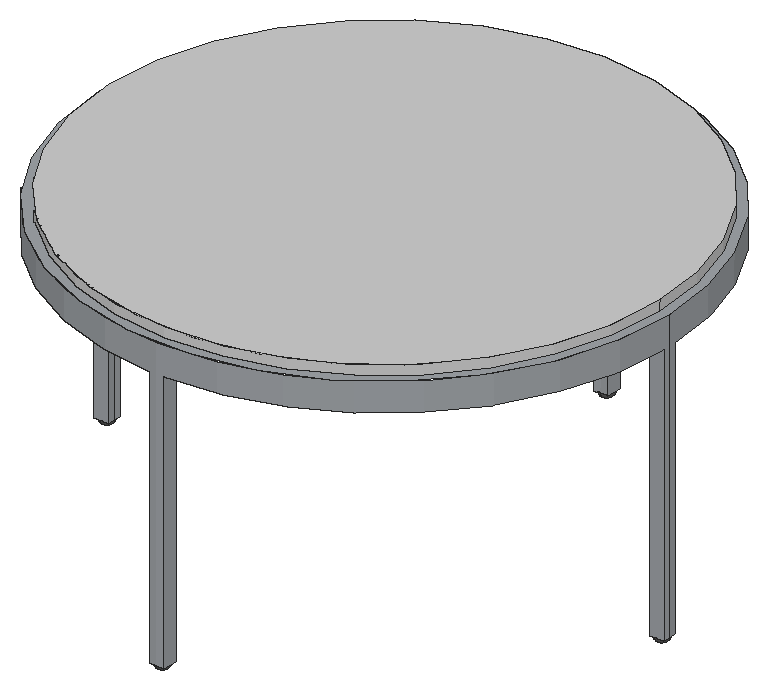
Revit family
Parameters
  URL = "http://www.martinbrattrud.com"
  Table Top [instance] = none
  SCS Certified Product = "Yes"
  Model = "Braemar 784-30CL"
  Manufacturer = "Martin Brattrud, Inc."
  Leg [instance] = none
  Keynote = "125000"
  Foot [instance] = none
  Copyright = "© 2013 Martin Brattrud, Inc."
  Authoring Version = "Revit Architecture 2010"
  Assembly Code = "E2020200"
Reference planes (in)
  plane 1 "Center Front/Back": y = 0
  plane 2: z = 0
  plane 3 "Center Left/Right": x = 0
Forms (in)
  Extrusion 1, solid, material <- "Table Top"
    sketch origin (0, 0, 0) x (1, 0, 0) y (0, 1, 0)
      loop
        circle (0, 0) r 14.5
    from 15.5 to 16
  Extrusion 2, solid, material <- "Leg"
    sketch origin (0, 0, 0) x (1, 0, 0) y (0, 1, 0)
      loop
        circle (0, 0) r 15
      loop
        circle (0, 0) r 14.25
    from 0.25 to 15.5
  Extrusion 3, void
    sketch origin (0, 0, 0) x (1, 0, 0) y (0, 1, 0)
      loop
        line (-15.85134, 0.375) -> (-0.375, 0.375) -> (-0.375, 15.585)
        arc (-0.375, 15.585) -> (-11.492, 11.41799) -> (-15.85134, 0.375) r 14.62031
      loop
        arc (15.85134, 0.375) -> (11.492, 11.41799) -> (0.375, 15.585) r 14.62031
        line (0.375, 15.585) -> (0.375, 0.375) -> (15.85134, 0.375)
      loop
        arc (-15.85134, -0.375) -> (-11.492, -11.41799) -> (-0.375, -15.585) r 14.62031
        line (-0.375, -15.585) -> (-0.375, -0.375) -> (-15.85134, -0.375)
      loop
        line (15.85134, -0.375) -> (0.375, -0.375) -> (0.375, -15.585)
        arc (0.375, -15.585) -> (11.492, -11.41799) -> (15.85134, -0.375) r 14.62031
    from 0 to 14
  Revolve 4, solid, material <- "Foot"
    sketch origin (-14.99282, 0, 48) x (-1, 0, 0) y (0, 0, 1)
      loop
        line (-0.50027, -48) -> (-0.375, -48) -> (-0.375, -47.75) -> (-0.75, -47.75)
        arc (-0.75, -47.75) -> (-0.67687, -47.92668) -> (-0.50027, -48) r 0.25
      axis (-0.375, -48) -> (-0.375, -47.75)
    angle from 0 to 360
  Revolve 5, solid, material <- "Foot"
    sketch origin (14.99282, 0, 48) x (1, 0, 0) y (0, 0, -1)
      loop
        arc (-0.50027, 48) -> (-0.67687, 47.92668) -> (-0.75, 47.75) r 0.25
        line (-0.75, 47.75) -> (-0.375, 47.75) -> (-0.375, 48) -> (-0.50027, 48)
      axis (-0.375, 48) -> (-0.375, 47.75)
    angle from 0 to 360
  Revolve 6, solid, material <- "Foot"
    sketch origin (0, -14.99282, 48) x (0, -1, 0) y (0, 0, 1)
      loop
        line (-0.50027, -48) -> (-0.375, -48) -> (-0.375, -47.75) -> (-0.75, -47.75)
        arc (-0.75, -47.75) -> (-0.67687, -47.92668) -> (-0.50027, -48) r 0.25
      axis (-0.375, -48) -> (-0.375, -47.75)
    angle from 0 to 360
  Revolve 7, solid, material <- "Foot"
    sketch origin (0, 14.99282, 48) x (0, 1, 0) y (0, 0, -1)
      loop
        arc (-0.50027, 48) -> (-0.67687, 47.92668) -> (-0.75, 47.75) r 0.25
        line (-0.75, 47.75) -> (-0.375, 47.75) -> (-0.375, 48) -> (-0.50027, 48)
      axis (-0.375, 48) -> (-0.375, 47.75)
    angle from 0 to 360
Cuts and joins
  Extrusion 3 cuts Extrusion 2
